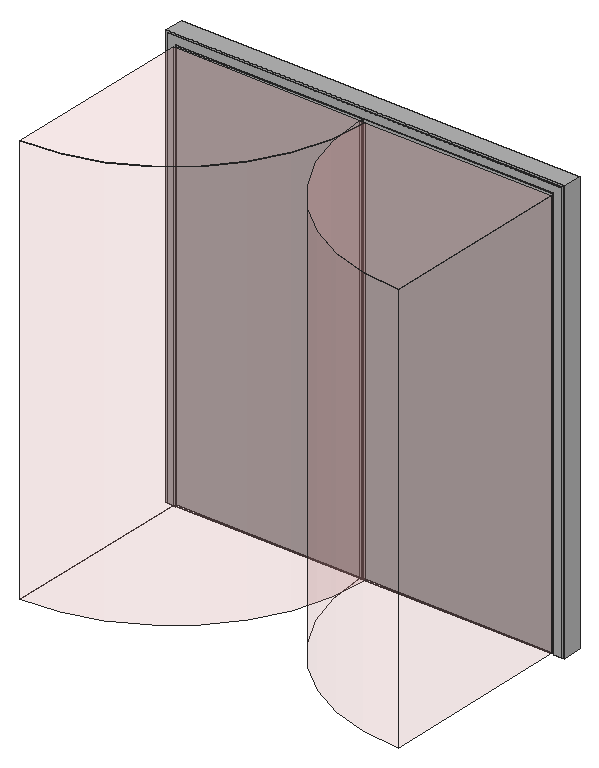
Revit family "ASSA ABLOY - ALPE PLUS Sp 60-2, double-leaf, block frame", category Doors, host Wall, Revit 2021
Family settings
  Host = Wall
  OmniClass Number = 23.30.10.00
  OmniClass Title = Doors
  Always vertical = Yes
  Cut with Voids When Loaded = No
  Shared = No
  Room Calculation Point = No
Parameters (values of type "1800 x 2100 (1808 x 2108)")
  URL = "https://www.assaabloy.com/pl/pl"
  Type Comments = "Door leaf made of two pressed galvanised steel sheets 1,25mm thick, reinforced with steel profile. Filled with mineral wool glued to the sheets with polyurethane adhesive. Non-rebated door."
  Rough Width Real = Width Round + Rough Width Conversion + Rough Width Adjustment  # 2052.000 mm
  Rough Height Real = Height Round + Rough Height Conversion + Rough Height Adjustment  # 2182.000 mm
  Rough Width Conversion = 252.000 mm  # constant formula
  Rough Width Adjustment = 0.000 mm  # constant formula
  Rough Height Conversion = 82.000 mm  # constant formula
  Rough Height Adjustment = 0.000 mm  # constant formula
  Recess Value [instance] = 14.400 mm
  Passive Symbol Radius [instance] = Passive Leaf Width + 6.500 mm  # 988.500 mm
  Passive Leaf Width [instance] = Rough Width Real - Middle Line - 44.000 mm  # 982.000 mm
  Opening Zone [instance] = yes
  Model = "Doorset_Steel non-rebated evacuation door (EN 1125)_ASSA ABLOY Opening Solutions_Hardware 3D"
  Middle Line [instance] = Active Leaf Clear Passage Width + 139.000 mm  # 1026.000 mm
  Hinges Material = Default steel
  HW Item 9 = "1x 206253: Vercy door stopper, max 120 kg_ASSA ABLOY (option) "
  HW Item 8 = "1x H704: U-shape single handle set on round rosette,  class 4 (EN1906), stainless steel_ASSA ABLOY"
  Frame Finish [instance] = ""
  Fire Rating NFR (0) = [Fire Rating - Set Value (0-2)] = 0  # yes
  Fire Rating EI60 (2) = [Fire Rating - Set Value (0-2)] = 2  # no
  Fire Rating EI30 (1) = [Fire Rating - Set Value (0-2)] = 1  # no
  Fire Rating - Set Value (0-2) = 0
  Fire Rating = if([Fire Rating NFR (0)], "NFR", if([Fire Rating EI30 (1)], "EI30", if([Fire Rating EI60 (2)], "EI60", "0")))  # "NFR"
  Width Round = roundup((Width / 5.000 mm)) * 5.000 mm  # 1800.000 mm
  Thickness = 60.000 mm  # constant formula
  Smoke Rating = "Sa, S200 (optional)"
  Rough Width = Width Round - 2.000 mm + Rough Width Conversion + Rough Width Adjustment  # 2050.000 mm
  Rough Height = Height Round + 8.000 mm + Rough Height Conversion + Rough Height Adjustment  # 2190.000 mm
  Readme = "The actual lintel height is consistent with the Rough Height parameter.\nThe final HW Set should be consistent with the function of the door and its  parameters.\nHardware mounted on door surface may affect the clear passage opening. For verification, please contact the specification department.\nIf you would like to change panic device to another one, please contact the specification team to verify opening and new solution compatibility."
  Provider = "ASSA ABLOY Opening Solutions"
  Product Group = "Double-Steel-Non rebated-Evacuation (EN 1125)"
  Name = "Steel non-rebated evacuation door (EN 1125)"
  Min Door Width = 1005.000 mm
  Min Door Height = 1640.000 mm
  Mechanical Strength = 4
  Max Door Width = 2110.000 mm
  Max Door Height = 2400.000 mm
  Manufacturer = "ASSA ABLOY"  # constant formula
  IfcExportType = "USERDEFINED"
  IfcExportAs = "IfcDoorType"
  Height Round = roundup((Height / 5.000 mm)) * 5.000 mm  # 2100.000 mm
  Hardware Set = "1.19PL"
  HW Item 7 = "2x N2100: One System panic device (EN1125), type B (pushbar)_ASSA ABLOY"
  HW Item 6 = "1x SK6 Radius: euro profile cylinder_IKON"
  HW Item 5 = "1x N1420: One System standard panic passive leaf lockcase_ASSA ABLOY "
  HW Item 4 = "1x N11xx: mechanical, panic mortice lockcase_ASSA ABLOY"
  HW Item 3 = "2x A153: mechanical opening damper_ASSA ABLOY (option)"
  HW Item 2 = "1x G461: guide rail with integrated coordinator_ASSA ABLOY"
  HW Item 1 = "2x DC700/ DC500: door closer, Cam-Motion®_ASSA ABLOY"
  Function = Interior
  Height = 2100.000 mm
  Wall Closure = By host
  Width = 1800.000 mm
  Frame Type = "Welded steel block frame, made of galvanised sheet 1,8mm thick."
  Frame Material = Default steel
  Family name = "1.19_DOORSET_ALPE PLUS Sp 60-2_DOUBLE-LEAF_BLOCK FRAME_ASSA ABLOY PL"
  Environmental Product Declaration (EPD) = "To be confirmed with Provider"  # constant formula
  Environmental Management System = "To be confirmed with Provider"  # constant formula
  Edition number = "1"
  Door Type = "ALPE PLUS Sp 60-2"
  Door Material = Default steel
  Door Finish Push Side [instance] = ""
  Door Finish Pull Side [instance] = ""
  Description = "ALPE PLUS Sp 60-2, door leaf made of two pressed galvanised steel sheets 1,25mm thick, reinforced with steel profile. Filled with mineral wool glued to the sheets with polyurethane adhesive. Non-rebated door. Stainless steel hinges with 3D regulation. Mechanical durability – class C5 according to PN-EN 16034:2014. Mechanical strength – class 4 according to PN-EN 1192:2001. Welded steel block frame, made of galvanised sheet 1,8mm thick."
  Date of publishing = ""
  Contact Provider = "https://www.assaabloy.com/pl/pl/solutions/topics/bim-specification/contact"
  Brand = "ASSA ABLOY Mercor Doors Sp. z o. o."  # constant formula
  Author = "www.archispace.pl"
  Active Symbol Radius [instance] = Active Leaf Width + 6.500 mm  # 988.500 mm
  Active Leaf Width [instance] = Middle Line - 44.000 mm  # 982.000 mm
  Active Leaf Clear Passage Width = 887.000 mm
Types (4, lengths in mm): name | Rough Width Real | Rough Height Real | Passive Symbol Radius | Passive Leaf Width | Middle Line | Width Round | Rough Width | Rough Height | Height Round | Height | Width | Active Symbol Radius | Active Leaf Width | Active Leaf Clear Passage Width
  1005 x 1640 (1013 x 1648) | 1257.000 | 1722.000 | 591.000 | 584.500 | 628.500 | 1005.000 | 1255.000 | 1730.000 | 1640.000 | 1640.000 | 1005.000 | 591.000 | 584.500 | 489.500
  1300 x 2100 (1308 x 2108) | 1552.000 | 2182.000 | 738.500 | 732.000 | 776.000 | 1300.000 | 1550.000 | 2190.000 | 2100.000 | 2100.000 | 1300.000 | 738.500 | 732.000 | 637.000
  1800 x 2100 (1808 x 2108) | 2052.000 | 2182.000 | 988.500 | 982.000 | 1026.000 | 1800.000 | 2050.000 | 2190.000 | 2100.000 | 2100.000 | 1800.000 | 988.500 | 982.000 | 887.000
  2310 x 2400 (2318 x 2408) | 2362.000 | 2482.000 | 1043.500 | 1037.000 | 1281.000 | 2110.000 | 2360.000 | 2490.000 | 2400.000 | 2400.000 | 2110.000 | 1243.500 | 1237.000 | 1142.000
Reference planes
  plane 1: y = 0
  plane 2 "Center (Left/Right)": x = 0
  plane 3: z = 2182
  plane 4 "Exterior": y = 120
  plane 5 "Interior": y = -120
  plane 6: x = -1026
  plane 7: x = 1026
  plane 8: z = 2100
  plane 9: x = 0
  plane 10: z = 2125
  plane 11: x = 969
  plane 12: x = -969
  plane 13: x = 900
  plane 14: x = -900
  plane 15: x = -19
  plane 16: x = 19
  plane 17: z = 8
  plane 18: x = -1025
  plane 19: x = 1025
  plane 20: z = 2190
  plane 21: y = -122
  plane 22: y = -109
  plane 23: y = -105.6
  plane 24: x = 975.5
  plane 25: x = -975.5
  plane 26: y = -44
  plane 27: y = -33
  plane 28: y = -8.4
  plane 29: y = -5
  plane 30: x = -4.5
  plane 31: x = 4.5
Forms (mm)
  Sweep 1, solid, material "Default steel" <- "Frame Material"
    path origin (-489, -105.6, 1200) x (1, 0, 0) y (0, 0, 1)
      loop
        line (-537, -1200) -> (-537, 982) -> (1515, 982) -> (1515, -1200)
    profile origin (-1026, -105.6, 1091) x (-1, 0, 0) y (0, -1, 0)
      loop
        line (-82, -61.6) -> (-82, -100.6) -> (-10, -100.6) -> (-10, -97.2) -> (0, -97.2) -> (0, 0) -> (-10, 0) -> (-10, 3.4) -> (-52, 3.4) -> (-52, -61.6) -> (-61.5, -61.6) -> (-61.5, -72.6) -> (-76.5, -72.6) -> (-76.5, -61.6) -> (-82, -61.6)
  Sweep 2, solid, material "Default steel" <- "Door Material"
    path origin (-489, -105.6, 1200) x (1, 0, 0) y (0, 0, 1)
      loop
        line (489, -1192) -> (489, 925)
    profile origin (0, -105.6, 1066.5) x (-1, 0, 0) y (0, -1, 0)
      loop
        line (969, -59.1) -> (969, 2.9) -> (18, 2.9) -> (18, -12.296) -> (4.5, -12.296) -> (4.5, -57.5) -> (-10.5, -57.5) -> (-10.5, -47.504) -> (-13, -47.504) -> (-13, -59.1) -> (969, -59.1)
  Sweep 3, solid, material "Opening zone", visible <- "Opening Zone"
    path origin (-5600, 0, 0) x (-1, 0, 0) y (0, 0, 1)
      loop
        line (-5600, 8) -> (-5600, 2125)
    profile origin (0, 0, 1066.5) x (1, 0, 0) y (0, 1, 0)
      loop
        line (-975.5, -122) -> (-975.5, -1110.5)
        arc (-975.5, -1110.5) -> (-276.525, -820.975) -> (13, -122) r 988.5
        line (13, -122) -> (-975.5, -122)
  Sweep 4, solid, material "Default steel" <- "Door Material"
    path origin (-489, -105.6, 1200) x (1, 0, 0) y (0, 0, 1)
      loop
        line (489, -1192) -> (489, 925)
    profile origin (0, -105.6, 1066.5) x (-1, 0, 0) y (0, -1, 0)
      loop
        line (-969, -59.1) -> (-18, -59.1) -> (-18, -43.904) -> (-4.5, -43.904) -> (-4.5, 1.3) -> (10.5, 1.3) -> (10.5, -8.696) -> (13, -8.696) -> (13, 2.9) -> (-969, 2.9) -> (-969, -59.1)
  Sweep 5, solid, material "Opening zone", visible <- "Opening Zone"
    path origin (5600, 0, 0) x (1, 0, 0) y (0, 0, -1)
      loop
        line (-5600, -8) -> (-5600, -2125)
    profile origin (0, 0, 1066.5) x (1, 0, 0) y (0, 1, 0)
      loop
        line (975.5, -122) -> (-13, -122)
        arc (-13, -122) -> (276.525, -820.975) -> (975.5, -1110.5) r 988.5
        line (975.5, -1110.5) -> (975.5, -122)
  Sweep 6, void
    path origin (-489, -105.6, 1200) x (1, 0, 0) y (0, 0, 1)
      loop
        line (-480, -1192) -> (-480, 925) -> (484.5, 925)
    profile origin (-486.75, -105.6, 2125) x (0, 0, 1) y (0, -1, 0)
      loop
        line (0, -20.75) -> (-14, -20.75) -> (-14, -38.35) -> (0, -38.35) -> (0, -20.75)
  Sweep 7, solid, material "Default steel" <- "Door Material"
    path origin (-489, -105.6, 1200) x (1, 0, 0) y (0, 0, 1)
      loop
        line (-480, -1192) -> (-480, 925) -> (484.5, 925)
    profile origin (-486.75, -105.6, 2125) x (0, 0, 1) y (0, -1, 0)
      loop
        line (-4, -20.75) -> (-14, -20.75) -> (-14, -38.35) -> (-4, -38.35) -> (-4, -20.75)
  Sweep 8, solid, material "Default steel" <- "Door Material"
    path origin (-489, -105.6, 1200) x (1, 0, 0) y (0, 0, 1)
      loop
        line (493.5, 925) -> (1458, 925) -> (1458, -1192)
    profile origin (486.75, -105.6, 2125) x (0, 0, 1) y (0, -1, 0)
      loop
        line (-4, -20.75) -> (-14, -20.75) -> (-14, -38.35) -> (-4, -38.35) -> (-4, -20.75)
  Sweep 9, void
    path origin (-489, -105.6, 1200) x (1, 0, 0) y (0, 0, 1)
      loop
        line (493.5, 925) -> (1458, 925) -> (1458, -1192)
    profile origin (486.75, -105.6, 2125) x (0, 0, 1) y (0, -1, 0)
      loop
        line (0, -20.75) -> (-14, -20.75) -> (-14, -38.35) -> (0, -38.35) -> (0, -20.75)
Cuts and joins
  Sweep 6, Sweep 9 cuts Sweep 4
  Sweep 6 cuts Sweep 2
Lines and regions (mm)
  Masking region 1, detail levels fine
    outline origin (-1132.682, -300, 2037) x (-1, 0, 0) y (0, -1, 0)
      loop
        circle (-157.182, -178) r 10
      loop
        circle (-2108.182, -178) r 10
  Opening 1
    outline origin (-5000, -120, 0) x (1, 0, 0) y (0, 0, 1)
      loop
        line (3974, 2190) -> (3974, 0) -> (6026, 0) -> (6026, 2190) -> (3974, 2190)
  Masking region 2, detail levels medium
    outline origin (-1132.682, -300, 2052) x (-1, 0, 0) y (0, -1, 0)
      loop
        line (-106.682, -295) -> (-106.682, -191) -> (-188.682, -191) -> (-188.682, -295) -> (-106.682, -295)
      loop
        line (-2158.682, -295) -> (-2076.682, -295) -> (-2076.682, -191) -> (-2158.682, -191) -> (-2158.682, -295)
  Masking region 3, detail levels fine
    outline origin (-1177.682, -289.4, 2052) x (-1, 0, 0) y (0, -1, 0)
      loop
        line (-233.682, -245.4) -> (-233.682, -284.4) -> (-161.682, -284.4) -> (-161.682, -281) -> (-151.682, -281) -> (-151.682, -183.8) -> (-161.682, -183.8) -> (-161.682, -180.4) -> (-203.682, -180.4) -> (-203.682, -245.4) -> (-213.182, -245.4) -> (-213.182, -256.4) -> (-228.182, -256.4) -> (-228.182, -245.4) -> (-233.682, -245.4)
      loop
        line (-2121.682, -245.4) -> (-2127.182, -245.4) -> (-2127.182, -256.4) -> (-2142.182, -256.4) -> (-2142.182, -245.4) -> (-2151.682, -245.4) -> (-2151.682, -180.4) -> (-2193.682, -180.4) -> (-2193.682, -183.8) -> (-2203.682, -183.8) -> (-2203.682, -281) -> (-2193.682, -281) -> (-2193.682, -284.4) -> (-2121.682, -284.4) -> (-2121.682, -245.4)
  symbolic lines, style "Elevation Swing"
    curve 1: line (-3, -120, 1091) -> (-969, -120, 2125)
    curve 2: line (-3, -120, 1091) -> (-969, -120, 8)
    curve 3: line (3, -120, 1091) -> (969, -120, 2125)
    curve 4: line (3, -120, 1091) -> (969, -120, 8)
Text (mm)
  text "Exterior" at (-1376.75, 1099.543, 0), in view "Ref. Level"
  text "Exterior" at (0, 1615.38, 3698.081), in view "Left"
  text "Exterior" at (0, 1036.032, 3874.932), in view "Right"
Dimensions and locks
  "Rough Height Real": plane 3 to host wall
  equal spacing: host wall, curve 2, plane 3
  host wall to plane 3 = 2182.000 mm
  locked: plane 4 "Exterior" to host wall
  locked: plane 5 "Interior" to host wall
  equal spacing: plane 6, plane 2 "Center (Left/Right)", plane 7
  "Rough Width Real": plane 6 to plane 7
  "Height": plane 8 to level
  locked: plane 6 to plane 12 at 57
  locked: plane 11 to plane 7 at 57
  locked: plane 3 to plane 10 at 57
  locked: plane 13 to plane 7 at 126
  locked: plane 6 to plane 14 at 126
  locked: plane 15 to plane 9 at 19
  locked: plane 9 to plane 16 at 19
  "Middle Line": plane 9 to plane 7
  equal spacing: plane 3, curve 4, level
  locked: plane 17 to level at 8
  equal spacing: plane 18, plane 2 "Center (Left/Right)", plane 19
  "Rough Width": plane 18 to plane 19
  "Rough Height": plane 20 to level
  locked: plane 24 to plane 7 at 50.5
  locked: plane 6 to plane 25 at 50.5
  locked: plane 22 to plane 23 at 3.4
  "Recess Value": plane 5 "Interior" to plane 23
  locked: plane 6 to Masking region 3 sketch curve at 10  (x2)
  locked: plane 6 to Masking region 3 sketch curve at 52
  locked: plane 6 to Masking region 3 sketch curve at 61.5
  locked: plane 6 to Masking region 3 sketch curve at 76.5
  locked: Masking region 3 sketch curve to plane 7 at 10  (x2)
  locked: Masking region 3 sketch curve to plane 7 at 52
  locked: Masking region 3 sketch curve to plane 7 at 61.5
  locked: Masking region 3 sketch curve to plane 7 at 76.5
  locked: plane 6 to Sweep 1 sketch curve at 10  (x2)
  locked: plane 6 to Sweep 1 sketch curve at 52
  locked: plane 6 to Sweep 1 sketch curve at 61.5
  locked: plane 6 to Sweep 1 sketch curve at 76.5
  locked: plane 6 to Masking region 3 sketch curve at 82
  locked: Masking region 3 sketch curve to plane 7 at 82
  locked: plane 6 to Masking region 2 sketch curve at 82
  locked: Masking region 2 sketch curve to plane 7 at 82
  locked: plane 6 to Sweep 1 sketch curve at 82
  locked: Sweep 2 sketch curve to plane 9 at 4.5
  locked: Sweep 2 sketch curve to plane 9 at 18
  locked: plane 9 to Sweep 2 sketch curve at 10.5
  locked: plane 9 to Sweep 2 sketch curve at 13
  locked: plane 9 to Sweep 4 sketch curve at 4.5
  locked: plane 9 to Sweep 4 sketch curve at 18
  locked: Sweep 4 sketch curve to plane 9 at 10.5
  locked: Sweep 4 sketch curve to plane 9 at 13
  locked: plane 21 to plane 23 at 16.4
  locked: plane 10 to Sweep 7 sketch curve at 14
  locked: plane 10 to Sweep 7 sketch curve at 4
  locked: Sweep 6 sketch curve to profile plane at 14
  locked: plane 30 to plane 9 at 4.5
  locked: plane 9 to plane 31 at 4.5
  locked: plane 10 to Sweep 8 sketch curve at 4
  locked: Sweep 8 sketch curve to profile plane at 14
  locked: Sweep 9 sketch curve to profile plane at 14
  locked: plane 23 to plane 26 at 61.6
  locked: plane 27 to plane 26 at 11
  locked: plane 28 to plane 27 at 24.6
  locked: plane 29 to plane 28 at 3.4
  "Active Symbol Radius": radius of Sweep 5 sketch curve
  "Passive Symbol Radius": radius of Sweep 3 sketch curve
  aligned and locked: plane 1 to host wall
  aligned and locked: level to Sweep 1 sketch curve  (x2)
  aligned and locked: Sweep 1 sketch curve to plane 6  (x2)
  aligned and locked: plane 7 to Sweep 1 sketch curve
  aligned and locked: plane 2 "Center (Left/Right)" to Sweep 2 sketch curve
  aligned and locked: nested 1 to plane 2 "Center (Left/Right)"
  aligned and locked: plane 3 to Sweep 1 sketch curve
  aligned and locked: plane 10 to Sweep 2 sketch curve
  aligned and locked: Sweep 2 sketch curve to plane 12
  aligned and locked: Sweep 4 sketch curve to plane 9
  aligned and locked: plane 10 to Sweep 4 sketch curve
  aligned and locked: plane 11 to Sweep 4 sketch curve
  aligned and locked: plane 2 "Center (Left/Right)" to Sweep 5 sketch curve
  aligned and locked: level to Opening 1 sketch curve
  aligned and locked: Opening 1 sketch curve to plane 20
  aligned and locked: plane 17 to Sweep 2 sketch curve
  aligned and locked: plane 17 to Sweep 4 sketch curve
  aligned and locked: plane 22 to Masking region 2 sketch curve  (x2)
  aligned and locked: Masking region 2 sketch curve to plane 6
  aligned and locked: Masking region 2 sketch curve to plane 7
  aligned and locked: plane 22 to Sweep 1 sketch curve
  aligned and locked: Sweep 1 sketch curve to plane 23
  aligned and locked: Masking region 1 sketch curve to plane 21
  aligned and locked: plane 21 to Masking region 1 sketch curve
  aligned and locked: plane 25 to Masking region 1 sketch curve
  aligned and locked: plane 24 to Sweep 5 sketch curve
  aligned and locked: Sweep 5 sketch curve to plane 21
  aligned and locked: Sweep 3 sketch curve to plane 25
  aligned and locked: Sweep 3 sketch curve to plane 21
  aligned and locked: plane 2 "Center (Left/Right)" to Sweep 3 sketch curve
  aligned and locked: nested 1 to plane 23
  aligned and locked: Opening 1 sketch curve to plane 6
  aligned and locked: plane 7 to Opening 1 sketch curve
  aligned and locked: plane 22 to Masking region 3 sketch curve  (x2)
  aligned and locked: plane 29 to Masking region 3 sketch curve  (x2)
  aligned and locked: plane 28 to Masking region 3 sketch curve  (x2)
  aligned and locked: Masking region 3 sketch curve to plane 27  (x2)
  aligned and locked: plane 26 to Masking region 3 sketch curve  (x4)
  aligned and locked: Masking region 3 sketch curve to plane 23  (x2)
  aligned and locked: Masking region 3 sketch curve to plane 6
  aligned and locked: Masking region 3 sketch curve to plane 7
  aligned and locked: Masking region 2 sketch curve to plane 29  (x2)
  aligned and locked: plane 28 to Sweep 1 sketch curve
  aligned and locked: plane 29 to Sweep 1 sketch curve
  aligned and locked: plane 26 to Sweep 1 sketch curve
  aligned and locked: plane 27 to Sweep 1 sketch curve
  aligned and locked: Sweep 1 sketch curve to plane 26
  aligned and locked: plane 24 to Masking region 1 sketch curve
  aligned and locked: Sweep 6 sketch curve to plane 10
  aligned and locked: plane 17 to Sweep 6 sketch curve
  aligned and locked: plane 12 to Sweep 6 sketch curve
  aligned and locked: plane 12 to Sweep 7 sketch curve
  aligned and locked: Sweep 7 sketch curve to plane 10
  aligned and locked: plane 17 to Sweep 7 sketch curve
  aligned and locked: profile plane to Sweep 6 sketch curve
  aligned and locked: Sweep 8 sketch curve to plane 10
  aligned and locked: Sweep 8 sketch curve to plane 11
  aligned and locked: plane 17 to Sweep 8 sketch curve
  aligned and locked: plane 31 to Sweep 8 sketch curve
  aligned and locked: plane 30 to Sweep 7 sketch curve
  aligned and locked: plane 30 to Sweep 6 sketch curve
  aligned and locked: plane 31 to Sweep 9 sketch curve
  aligned and locked: Sweep 9 sketch curve to plane 10
  aligned and locked: Sweep 9 sketch curve to plane 11
  aligned and locked: plane 17 to Sweep 9 sketch curve
  aligned and locked: profile plane to Sweep 9 sketch curve
  aligned and locked: plane 10 to Sweep 3 sketch curve
  aligned and locked: plane 17 to Sweep 3 sketch curve
  aligned and locked: plane 10 to Sweep 5 sketch curve
  aligned and locked: plane 17 to Sweep 5 sketch curve
  aligned and locked: plane 10 to curve 1
  aligned and locked: plane 12 to curve 1
  aligned and locked: plane 12 to curve 2
  aligned and locked: plane 17 to curve 2
  aligned and locked: plane 11 to curve 4
  aligned and locked: plane 17 to curve 4
  aligned and locked: plane 11 to curve 3
  aligned and locked: plane 10 to curve 3
Automatic sketch dimensions
  Sweep 2 sketch curve to profile plane = 59.100 mm
  Sweep 2 sketch curve to Sweep 2 sketch curve = 1.600 mm
  Sweep 2 sketch curve to Sweep 2 sketch curve = 9.996 mm
  Sweep 2 sketch curve to profile plane = 12.296 mm
  profile plane to Sweep 2 sketch curve = 2.900 mm
  Sweep 4 sketch curve to profile plane = 59.100 mm
  Sweep 4 sketch curve to Sweep 4 sketch curve = 15.196 mm
  Sweep 4 sketch curve to profile plane = 8.696 mm
  profile plane to Sweep 4 sketch curve = 1.300 mm
  profile plane to Sweep 4 sketch curve = 2.900 mm
  Sweep 6 sketch curve to plane 23 = 38.350 mm
  Sweep 6 sketch curve to Sweep 6 sketch curve = 17.600 mm
  Sweep 7 sketch curve to plane 23 = 38.350 mm
  Sweep 7 sketch curve to Sweep 7 sketch curve = 17.600 mm
  Sweep 8 sketch curve to plane 23 = 38.350 mm
  Sweep 8 sketch curve to Sweep 8 sketch curve = 17.600 mm
  Sweep 9 sketch curve to plane 23 = 38.350 mm
  Sweep 9 sketch curve to Sweep 9 sketch curve = 17.600 mm
  curve 2 to plane 30 = 1.500 mm
  plane 31 to curve 3 = 1.500 mm
  radius of Masking region 1 sketch curve = 10.000 mm  (x2)
Nested families
  nested 1: "Detail_Door symbol" at (0, -105.6, 2037), type "Detail_Door symbol"
Definition of nested family "Detail_Door symbol"
  Parameters (values of type "Detail_Door symbol")
    Rough Width = 1552.000 mm
    Passive Symbol Radius = 501.500 mm
    Passive Leaf Width = 488.000 mm
    Middle Post = 1020.000 mm
    Active Symbol Radius = 989.500 mm
    Active Leaf Width = 976.000 mm
  Reference planes
    plane 1 "Center (Front/Back)": y = 0
    plane 2: z = 0
    plane 3 "Center (Left/Right)": x = 0
    plane 4: x = -776
    plane 5: y = -16.4
    plane 6: y = -22.9
    plane 7: y = -510.9
    plane 8: x = 776
    plane 9: y = -16.4
    plane 10: y = -22.9
    plane 11: y = -998.9
    plane 12: x = -712
    plane 13: x = -650
    plane 14: x = 712
    plane 15: x = 725.5
    plane 16: x = 650
    plane 17: x = -725.5
    plane 18: y = -508.4
    plane 19: y = -493.4
    plane 20: y = -479.9
    plane 21: y = -981.4
    plane 22: y = -996.4
    plane 23: y = -967.9
  Lines and regions (mm)
    Filled region 1, type "Solid Fill - White", in view "Ref. Level", detail levels fine
      outline origin (88.5, 43.059, 0) x (1, 0, 0) y (0, 1, 0)
        loop
          line (-800.5, -65.959) -> (-800.5, -522.959) -> (-785.304, -522.959) -> (-785.304, -536.459) -> (-740.1, -536.459) -> (-740.1, -551.459) -> (-750.096, -551.459) -> (-750.096, -553.959) -> (-738.5, -553.959) -> (-738.5, -65.959) -> (-759.25, -65.959) -> (-759.25, -79.959) -> (-779.75, -79.959) -> (-779.75, -65.959) -> (-800.5, -65.959)
    Filled region 2, type "Solid Fill - White", in view "Ref. Level", detail levels medium
      outline origin (-211.5, 43.059, 0) x (1, 0, 0) y (0, 1, 0)
        loop
          line (-500.5, -65.959) -> (-500.5, -553.959) -> (-438.5, -553.959) -> (-438.5, -65.959) -> (-500.5, -65.959)
    Filled region 3, type "Solid Fill - White", in view "Ref. Level", detail levels fine
      outline origin (-78.5, 43.059, 0) x (0, 1, 0) y (-1, 0, 0)
        loop
          line (-65.959, -790.5) -> (-65.959, -769.75) -> (-79.959, -769.75) -> (-79.959, -749.25) -> (-65.959, -749.25) -> (-65.959, -728.5) -> (-1010.959, -728.5) -> (-1010.959, -743.696) -> (-1024.459, -743.696) -> (-1024.459, -788.9) -> (-1039.459, -788.9) -> (-1039.459, -778.904) -> (-1041.959, -778.904) -> (-1041.959, -790.5) -> (-65.959, -790.5)
    Filled region 4, type "Solid Fill - White", in view "Ref. Level", detail levels medium
      outline origin (221.5, 43.059, 0) x (0, 1, 0) y (-1, 0, 0)
        loop
          line (-65.959, -490.5) -> (-65.959, -428.5) -> (-1041.959, -428.5) -> (-1041.959, -490.5) -> (-65.959, -490.5)
    Filled region 5, type "Solid Fill - White", in view "Ref. Level", detail levels fine
      outline origin (88.5, 43.059, 0) x (1, 0, 0) y (0, 1, 0)
        loop
          line (-779.75, -69.959) -> (-779.75, -79.959) -> (-759.25, -79.959) -> (-759.25, -69.959) -> (-779.75, -69.959)
    Filled region 6, type "Solid Fill - White", in view "Ref. Level", detail levels fine
      outline origin (-88.5, 43.059, 0) x (0, 1, 0) y (-1, 0, 0)
        loop
          line (-69.959, -779.75) -> (-69.959, -759.25) -> (-79.959, -759.25) -> (-79.959, -779.75) -> (-69.959, -779.75)
    detail lines, in view "Ref. Level"
      curve 1: arc (-725.5, -517.9, 0) -> (-370.886, -371.014, 0) -> (-224, -16.4, 0) r 501.5
      curve 3: arc (725.5, -1005.9, 0) -> (25.818, -716.082, 0) -> (-264, -16.4, 0) r 989.5
    detail lines, in view "Ref. Level", detail levels coarse
      curve 2: line (-725.5, -517.9, 0) -> (-725.5, -16.4, 0)
      curve 4: line (725.5, -1005.9, 0) -> (725.5, -16.4, 0)
  Dimensions and locks
    "Passive Leaf Width": plane 7 to plane 6
    locked: plane 1 "Center (Front/Back)" to plane 5 at 16.4
    locked: plane 1 "Center (Front/Back)" to plane 6 at 22.9
    "Rough Width": plane 4 to plane 8
    equal spacing: plane 4, plane 3 "Center (Left/Right)", plane 8
    "Active Leaf Width": plane 11 to plane 10
    locked: plane 1 "Center (Front/Back)" to plane 9 at 16.4
    locked: plane 1 "Center (Front/Back)" to plane 10 at 22.9
    locked: plane 4 to plane 12 at 64
    locked: plane 8 to plane 14 at 64
    locked: plane 4 to plane 17 at 50.5
    locked: plane 12 to plane 13 at 62
    locked: plane 15 to plane 8 at 50.5
    locked: plane 16 to plane 14 at 62
    locked: plane 7 to plane 18 at 2.5
    locked: plane 19 to plane 18 at 15
    locked: plane 20 to plane 19 at 13.5
    locked: plane 11 to plane 22 at 2.5
    locked: plane 21 to plane 22 at 15
    locked: plane 23 to plane 21 at 13.5
    "Passive Symbol Radius": radius of curve 1
    "Active Symbol Radius": radius of curve 3
    aligned and locked: plane 5 to curve 1
    aligned and locked: Filled region 1 sketch curve to plane 6
    aligned and locked: Filled region 2 sketch curve to plane 6
    aligned and locked: Filled region 2 sketch curve to plane 7
    aligned and locked: curve 3 to plane 9
    aligned and locked: Filled region 3 sketch curve to plane 10
    aligned and locked: plane 10 to Filled region 4 sketch curve
    aligned and locked: plane 11 to Filled region 4 sketch curve
    aligned and locked: plane 9 to curve 4
    aligned and locked: Filled region 2 sketch curve to plane 12
    aligned and locked: Filled region 2 sketch curve to plane 13
    aligned and locked: Filled region 1 sketch curve to plane 12
    aligned and locked: Filled region 1 sketch curve to plane 13
    aligned and locked: plane 14 to Filled region 3 sketch curve
    aligned and locked: plane 16 to Filled region 3 sketch curve
    aligned and locked: plane 14 to Filled region 4 sketch curve
    aligned and locked: plane 16 to Filled region 4 sketch curve
    aligned and locked: plane 15 to curve 3
    aligned and locked: plane 17 to curve 1
    aligned and locked: Filled region 1 sketch curve to plane 20
    aligned and locked: Filled region 1 sketch curve to plane 19
    aligned and locked: plane 18 to Filled region 1 sketch curve
    aligned and locked: Filled region 3 sketch curve to plane 11
    aligned and locked: Filled region 3 sketch curve to plane 23
    aligned and locked: Filled region 3 sketch curve to plane 21
    aligned and locked: plane 22 to Filled region 3 sketch curve
    aligned and locked: curve 4 to plane 15
  Automatic sketch dimensions
    Filled region 1 sketch curve to plane 6 = 0.000 mm
    plane 7 to Filled region 1 sketch curve = 0.000 mm
    Filled region 1 sketch curve to Filled region 1 sketch curve = 15.196 mm
    Filled region 1 sketch curve to Filled region 1 sketch curve = 20.750 mm
    Filled region 1 sketch curve to Filled region 1 sketch curve = 20.500 mm
    Filled region 1 sketch curve to plane 13 = 11.596 mm
    Filled region 1 sketch curve to plane 13 = 1.600 mm
    Filled region 1 sketch curve to Filled region 1 sketch curve = 14.000 mm
    plane 6 to Filled region 3 sketch curve = 0.000 mm
    Filled region 3 sketch curve to plane 6 = 14.000 mm
    plane 14 to Filled region 3 sketch curve = 1.600 mm
    Filled region 3 sketch curve to Filled region 3 sketch curve = 9.996 mm
    Filled region 3 sketch curve to Filled region 3 sketch curve = 20.750 mm
    Filled region 3 sketch curve to Filled region 3 sketch curve = 20.500 mm
    Filled region 3 sketch curve to plane 16 = 15.196 mm
    plane 12 to Filled region 5 sketch curve = 20.750 mm
    Filled region 5 sketch curve to Filled region 5 sketch curve = 20.500 mm
    Filled region 5 sketch curve to plane 6 = 14.000 mm
    Filled region 5 sketch curve to plane 6 = 4.000 mm
    Filled region 6 sketch curve to plane 6 = 14.000 mm
    Filled region 6 sketch curve to plane 6 = 4.000 mm
    plane 14 to Filled region 6 sketch curve = 20.750 mm
    Filled region 6 sketch curve to Filled region 6 sketch curve = 20.500 mm
    curve 2 to plane 5 = 0.000 mm
